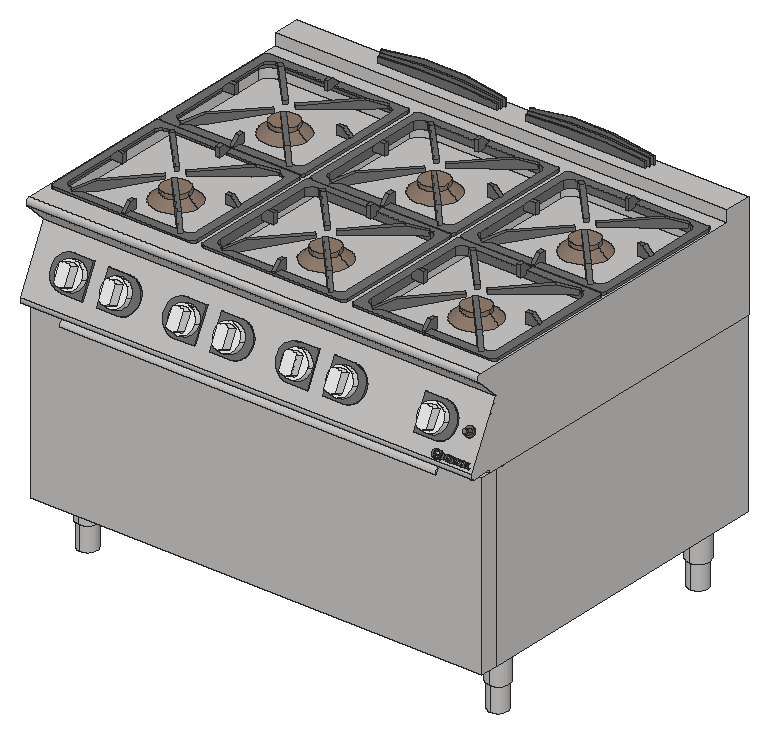
Revit family "QF_GIORIK_CG96EH", category Specialty Equipment, Revit 2014 (continued)
Lines and regions (mm)
  symbolic lines, style "200-EquipInternal-2D"
    curve 108: line (450, -494.697, 899.988) -> (750, -494.697, 899.988)
    curve 109: line (770, -514.697, 899.988) -> (770, -792.699, 899.988)
    curve 110: arc (770, -792.699, 899.988) -> (764.142, -806.841, 899.988) -> (750, -812.699, 899.988) r 20
    curve 111: line (750, -812.699, 899.988) -> (450, -812.699, 899.988)
    curve 112: line (418.046, -832.699, 899.988) -> (782.046, -832.699, 899.988)
    curve 113: arc (782.046, -832.699, 899.988) -> (789.117, -829.77, 899.988) -> (792.046, -822.699, 899.988) r 10
    curve 114: arc (418.046, -472.697, 899.988) -> (410.975, -475.626, 899.988) -> (408.046, -482.697, 899.988) r 10
    curve 115: line (408.046, -482.697, 899.988) -> (408.046, -822.699, 899.988)
    curve 116: arc (430, -514.697, 899.988) -> (435.858, -500.555, 899.988) -> (450, -494.697, 899.988) r 20
    curve 117: line (430, -792.699, 899.988) -> (430, -514.697, 899.988)
    curve 118: arc (450, -812.699, 899.988) -> (435.858, -806.841, 899.988) -> (430, -792.699, 899.988) r 20
    curve 119: arc (408.046, -822.699, 899.988) -> (410.975, -829.77, 899.988) -> (418.046, -832.699, 899.988) r 10
    curve 120: line (595, -792.939, 899.988) -> (595, -812.699, 899.988)
    curve 121: line (605, -812.699, 899.988) -> (605, -792.939, 899.988)
    curve 122: line (605, -792.939, 899.988) -> (595, -792.939, 899.988)
    curve 123: line (583.381, -670.19, 899.988) -> (454.455, -812.699, 899.988)
    curve 124: line (467.94, -812.699, 899.988) -> (590.796, -676.899, 899.988)
    curve 125: line (590.796, -676.899, 899.988) -> (583.381, -670.19, 899.988)
    curve 126: line (590.798, -630.491, 899.988) -> (467.946, -494.697, 899.988)
    curve 127: line (454.464, -494.697, 899.988) -> (583.382, -637.199, 899.988)
    curve 128: line (583.382, -637.199, 899.988) -> (590.798, -630.491, 899.988)
    curve 129: line (609.295, -630.492, 899.988) -> (616.711, -637.201, 899.988)
    curve 130: line (616.711, -637.201, 899.988) -> (745.633, -494.697, 899.988)
    curve 131: line (732.148, -494.697, 899.988) -> (609.295, -630.492, 899.988)
    curve 132: line (616.712, -670.189, 899.988) -> (609.296, -676.898, 899.988)
    curve 133: line (609.296, -676.898, 899.988) -> (732.152, -812.699, 899.988)
    curve 134: line (745.637, -812.699, 899.988) -> (616.712, -670.189, 899.988)
    curve 137: line (63.919, -287.698, 899.988) -> (63.919, -277.698, 899.988)
    curve 138: arc (30, -152.695, 899.988) -> (35.858, -138.553, 899.988) -> (50, -132.695, 899.988) r 20
    curve 140: line (808.046, -122.695, 899.988) -> (808.046, -462.697, 899.988)
    curve 141: line (830, -430.697, 899.988) -> (830, -152.695, 899.988)
    curve 142: arc (850, -450.697, 899.988) -> (835.858, -444.839, 899.988) -> (830, -430.697, 899.988) r 20
    curve 143: arc (808.046, -462.697, 899.988) -> (810.975, -469.768, 899.988) -> (818.046, -472.697, 899.988) r 10
    curve 144: line (818.046, -472.697, 899.988) -> (1182.046, -472.697, 899.988)
    curve 145: line (1150, -450.697, 899.988) -> (850, -450.697, 899.988)
    curve 146: arc (1170, -430.697, 899.988) -> (1164.142, -444.839, 899.988) -> (1150, -450.697, 899.988) r 20
    curve 147: arc (1192.046, -482.697, 899.988) -> (1189.117, -475.626, 899.988) -> (1182.046, -472.697, 899.988) r 10
    curve 148: arc (1182.046, -472.697, 899.988) -> (1189.117, -469.768, 899.988) -> (1192.046, -462.697, 899.988) r 10
    curve 149: line (1192.046, -462.697, 899.988) -> (1192.046, -122.695, 899.988)
    curve 150: arc (818.046, -112.695, 899.988) -> (810.975, -115.624, 899.988) -> (808.046, -122.695, 899.988) r 10
    curve 151: arc (830, -152.695, 899.988) -> (835.858, -138.553, 899.988) -> (850, -132.695, 899.988) r 20
    curve 152: line (850, -132.695, 899.988) -> (1150, -132.695, 899.988)
    curve 153: arc (1150, -132.695, 899.988) -> (1164.142, -138.553, 899.988) -> (1170, -152.695, 899.988) r 20
    curve 154: arc (830, -514.697, 899.988) -> (835.858, -500.555, 899.988) -> (850, -494.697, 899.988) r 20
    curve 155: line (830, -792.699, 899.988) -> (830, -514.697, 899.988)
    curve 156: line (850, -494.697, 899.988) -> (1150, -494.697, 899.988)
    curve 157: arc (1150, -494.697, 899.988) -> (1164.142, -500.555, 899.988) -> (1170, -514.697, 899.988) r 20
    curve 158: line (1170, -514.697, 899.988) -> (1170, -792.699, 899.988)
    curve 159: arc (1170, -792.699, 899.988) -> (1164.142, -806.841, 899.988) -> (1150, -812.699, 899.988) r 20
    curve 160: line (1150, -812.699, 899.988) -> (850, -812.699, 899.988)
    curve 161: arc (850, -812.699, 899.988) -> (835.858, -806.841, 899.988) -> (830, -792.699, 899.988) r 20
    curve 162: line (808.046, -482.697, 899.988) -> (808.046, -822.699, 899.988)
    curve 163: arc (808.046, -822.699, 899.988) -> (810.975, -829.77, 899.988) -> (818.046, -832.699, 899.988) r 10
    curve 164: line (818.046, -832.699, 899.988) -> (1182.046, -832.699, 899.988)
    curve 165: arc (818.046, -472.697, 899.988) -> (810.975, -475.626, 899.988) -> (808.046, -482.697, 899.988) r 10
    curve 166: line (1192.046, -822.699, 899.988) -> (1192.046, -482.697, 899.988)
    curve 167: arc (1182.046, -832.699, 899.988) -> (1189.117, -829.77, 899.988) -> (1192.046, -822.699, 899.988) r 10
    curve 168: line (1170, -152.695, 899.988) -> (1170, -430.697, 899.988)
    curve 169: line (830, -287.698, 899.988) -> (863.919, -287.698, 899.988)
    curve 170: line (863.919, -277.698, 899.988) -> (830, -277.698, 899.988)
    curve 171: line (983.382, -308.194, 899.988) -> (854.461, -450.697, 899.988)
    curve 172: line (863.919, -287.698, 899.988) -> (863.919, -277.698, 899.988)
    curve 173: line (854.455, -132.695, 899.988) -> (983.381, -275.203, 899.988)
    curve 174: line (990.796, -268.494, 899.988) -> (867.94, -132.695, 899.988)
    curve 175: line (867.946, -450.697, 899.988) -> (990.798, -314.903, 899.988)
    curve 176: line (1009.296, -268.496, 899.988) -> (1016.712, -275.204, 899.988)
    curve 177: line (990.798, -314.903, 899.988) -> (983.382, -308.194, 899.988)
    curve 178: line (1009.295, -314.901, 899.988) -> (1132.146, -450.697, 899.988)
    curve 179: line (1145.631, -450.697, 899.988) -> (1016.711, -308.192, 899.988)
    curve 180: line (1132.152, -132.695, 899.988) -> (1009.296, -268.496, 899.988)
    curve 181: line (1016.712, -275.204, 899.988) -> (1145.637, -132.695, 899.988)
    curve 182: line (1016.711, -308.192, 899.988) -> (1009.295, -314.901, 899.988)
    curve 183: line (1136.172, -287.698, 899.988) -> (1170, -287.698, 899.988)
    curve 184: line (1170, -277.698, 899.988) -> (1136.172, -277.698, 899.988)
    curve 185: line (995, -152.454, 899.988) -> (1005, -152.454, 899.988)
    curve 186: line (1005, -152.454, 899.988) -> (1005, -132.695, 899.988)
    curve 187: line (995, -132.695, 899.988) -> (995, -152.454, 899.988)
    curve 188: line (1005.046, -512.456, 899.988) -> (1005.046, -494.697, 899.988)
    curve 189: line (995.046, -494.697, 899.988) -> (995.046, -512.456, 899.988)
    curve 190: line (818.046, -472.697, 899.988) -> (1182.046, -472.697, 899.988)
    curve 191: line (1005.046, -432.937, 899.988) -> (995.046, -432.937, 899.988)
    curve 192: line (1005.046, -450.697, 899.988) -> (1005.046, -432.937, 899.988)
    curve 193: line (995.046, -432.937, 899.988) -> (995.046, -450.697, 899.988)
    curve 194: line (995.046, -512.456, 899.988) -> (1005.046, -512.456, 899.988)
    curve 195: line (854.464, -494.697, 899.988) -> (983.382, -637.199, 899.988)
    curve 196: line (990.798, -630.491, 899.988) -> (867.949, -494.697, 899.988)
    curve 197: line (983.382, -637.199, 899.988) -> (990.798, -630.491, 899.988)
    curve 198: line (1009.295, -630.492, 899.988) -> (1016.711, -637.201, 899.988)
    curve 199: line (1132.148, -494.697, 899.988) -> (1009.295, -630.492, 899.988)
    curve 200: line (1016.711, -637.201, 899.988) -> (1145.633, -494.697, 899.988)
    curve 201: line (1009.296, -676.898, 899.988) -> (1132.152, -812.699, 899.988)
    curve 202: line (1145.637, -812.699, 899.988) -> (1016.712, -670.189, 899.988)
    curve 203: line (867.94, -812.699, 899.988) -> (990.796, -676.899, 899.988)
    curve 204: line (983.381, -670.19, 899.988) -> (854.455, -812.699, 899.988)
    curve 205: line (990.796, -676.899, 899.988) -> (983.381, -670.19, 899.988)
    curve 206: line (195.046, -494.697, 899.988) -> (195.046, -512.456, 899.988)
    curve 207: line (195.046, -512.456, 899.988) -> (205.046, -512.456, 899.988)
    curve 208: line (205.046, -432.937, 899.988) -> (195.046, -432.937, 899.988)
    curve 209: line (195.046, -432.937, 899.988) -> (195.046, -450.697, 899.988)
    curve 210: line (205.046, -450.697, 899.988) -> (205.046, -432.937, 899.988)
    curve 211: line (205.046, -494.697, 899.988) -> (205.046, -512.456, 899.988)
    curve 212: line (605.046, -450.697, 899.988) -> (605.046, -432.937, 899.988)
    curve 213: line (595.046, -432.937, 899.988) -> (595.046, -450.697, 899.988)
    curve 214: line (605.046, -432.937, 899.988) -> (595.046, -432.937, 899.988)
    curve 215: line (595.046, -494.697, 899.988) -> (595.046, -512.456, 899.988)
    curve 216: line (605.046, -512.456, 899.988) -> (605.046, -494.697, 899.988)
    curve 217: line (595.046, -512.456, 899.988) -> (605.046, -512.456, 899.988)
    curve 218: line (238, -17.695, 899.988) -> (568, -17.695, 899.988)
    curve 219: line (632, -17.695, 899.988) -> (962, -17.695, 899.988)
    curve 220: line (568, -14.695, 899.988) -> (238, -14.695, 899.988)
    curve 221: line (962, -14.695, 899.988) -> (632, -14.695, 899.988)
    curve 222: line (238, -14.695, 899.988) -> (238, -17.695, 899.988)
    curve 223: line (241, -24.695, 899.988) -> (241, -27.695, 899.988)
    curve 224: line (244, -34.695, 899.988) -> (244, -37.695, 899.988)
    curve 225: line (565, -24.695, 899.988) -> (241, -24.695, 899.988)
    curve 226: line (241, -27.695, 899.988) -> (565, -27.695, 899.988)
    curve 227: line (244, -37.695, 899.988) -> (562, -37.695, 899.988)
    curve 228: line (568, -17.695, 899.988) -> (568, -14.695, 899.988)
    curve 229: line (565, -27.695, 899.988) -> (565, -24.695, 899.988)
    curve 230: line (562, -34.695, 899.988) -> (244, -34.695, 899.988)
    curve 231: line (562, -37.695, 899.988) -> (562, -34.695, 899.988)
    curve 232: line (638, -34.695, 899.988) -> (638, -37.695, 899.988)
    curve 233: line (635, -24.695, 899.988) -> (635, -27.695, 899.988)
    curve 234: line (959, -24.695, 899.988) -> (635, -24.695, 899.988)
    curve 235: line (635, -27.695, 899.988) -> (959, -27.695, 899.988)
    curve 236: line (956, -34.695, 899.988) -> (638, -34.695, 899.988)
    curve 237: line (638, -37.695, 899.988) -> (956, -37.695, 899.988)
    curve 238: line (962, -17.695, 899.988) -> (962, -14.695, 899.988)
    curve 239: line (959, -27.695, 899.988) -> (959, -24.695, 899.988)
    curve 240: line (956, -37.695, 899.988) -> (956, -34.695, 899.988)
    curve 241: line (0, -72.695, 899.988) -> (1200, -72.695, 899.988)
    curve 242: arc (183.76, -260.717, 899.988) -> (200.047, -256.698, 899.988) -> (216.333, -260.718, 899.988) r 35
    curve 243: arc (224.47, -266.629, 899.988) -> (235.046, -291.699, 899.988) -> (224.469, -316.768, 899.988) r 35
    curve 244: arc (216.331, -322.678, 899.988) -> (200.047, -326.698, 899.988) -> (183.763, -322.679, 899.988) r 35
    curve 245: arc (175.624, -316.769, 899.988) -> (165.046, -291.699, 899.988) -> (175.622, -266.628, 899.988) r 35
    curve 246: arc (158.846, -335.316, 899.988) -> (140.046, -291.699, 899.988) -> (158.844, -248.081, 899.988) r 60
    curve 247: arc (166.676, -241.833, 899.988) -> (200.046, -231.698, 899.988) -> (233.417, -241.834, 899.988) r 60
    curve 248: arc (241.249, -248.082, 899.988) -> (260.046, -291.698, 899.988) -> (241.248, -335.314, 899.988) r 60
    curve 249: arc (233.415, -341.562, 899.988) -> (200.047, -351.698, 899.988) -> (166.678, -341.564, 899.988) r 60
    curve 250: line (30, -792.699, 899.988) -> (30, -514.697, 899.988)
    curve 251: line (63.919, -658.699, 899.988) -> (63.919, -648.699, 899.988)
    curve 252: line (30, -658.699, 899.988) -> (63.919, -658.699, 899.988)
    curve 253: line (63.919, -648.699, 899.988) -> (30, -648.699, 899.988)
    curve 254: line (336.172, -658.699, 899.988) -> (370, -658.699, 899.988)
    curve 255: line (336.172, -648.699, 899.988) -> (336.172, -658.699, 899.988)
    curve 256: line (370, -648.699, 899.988) -> (336.172, -648.699, 899.988)
    curve 257: line (430, -658.699, 899.988) -> (463.919, -658.699, 899.988)
    curve 258: line (463.919, -658.699, 899.988) -> (463.919, -648.699, 899.988)
    curve 259: line (463.919, -648.699, 899.988) -> (430, -648.699, 899.988)
    curve 260: line (1005, -792.939, 899.988) -> (995, -792.939, 899.988)
    curve 261: line (1005, -792.939, 899.988) -> (1005, -812.699, 899.988)
    curve 262: line (995, -812.699, 899.988) -> (995, -792.939, 899.988)
    curve 263: line (770, -658.699, 899.988) -> (736.172, -658.699, 899.988)
    curve 264: line (736.172, -658.699, 899.988) -> (736.172, -648.699, 899.988)
    curve 265: line (736.172, -648.699, 899.988) -> (770, -648.699, 899.988)
    curve 266: arc (583.75, -622.7, 899.988) -> (600.036, -618.699, 899.988) -> (616.314, -622.733, 899.988) r 35
    curve 267: arc (624.749, -628.95, 899.988) -> (634.999, -653.908, 899.988) -> (624.45, -678.742, 899.988) r 35
    curve 268: arc (616.32, -684.661, 899.988) -> (600.036, -688.698, 899.988) -> (583.744, -684.694, 899.988) r 35
    curve 269: arc (575.251, -678.447, 899.988) -> (565.001, -653.451, 899.988) -> (575.604, -628.602, 899.988) r 35
    curve 270: arc (558.821, -697.337, 899.988) -> (540, -653.695, 899.988) -> (558.826, -610.056, 899.988) r 60
    curve 271: arc (566.663, -603.812, 899.988) -> (600.035, -593.699, 899.988) -> (633.396, -603.852, 899.988) r 60
    curve 272: arc (641.385, -609.927, 899.988) -> (660.239, -653.696, 899.988) -> (641.389, -697.466, 899.988) r 60.239
    curve 273: arc (633.401, -703.542, 899.988) -> (600.035, -713.699, 899.988) -> (566.657, -703.581, 899.988) r 60
    curve 274: arc (183.764, -622.716, 899.988) -> (200.047, -618.699, 899.988) -> (216.329, -622.717, 899.988) r 35
    curve 275: arc (224.794, -628.95, 899.988) -> (235.045, -653.925, 899.988) -> (224.472, -678.766, 899.988) r 35
    curve 276: arc (216.334, -684.677, 899.988) -> (200.047, -688.699, 899.988) -> (183.759, -684.678, 899.988) r 35
    curve 277: arc (175.297, -678.447, 899.988) -> (165.046, -653.468, 899.988) -> (175.626, -628.625, 899.988) r 35
    curve 278: arc (158.842, -697.314, 899.988) -> (140.046, -653.695, 899.988) -> (158.847, -610.079, 899.988) r 60
    curve 279: arc (166.68, -603.831, 899.988) -> (200.047, -593.699, 899.988) -> (233.414, -603.833, 899.988) r 60
    curve 280: arc (241.246, -610.081, 899.988) -> (260.046, -653.696, 899.988) -> (241.25, -697.313, 899.988) r 60
    curve 281: arc (233.278, -703.407, 899.988) -> (200.046, -713.492, 899.988) -> (166.814, -703.408, 899.988) r 59.794
    curve 282: arc (1192.046, -122.695, 899.988) -> (1189.117, -115.624, 899.988) -> (1182.046, -112.695, 899.988) r 10
    curve 283: line (1182.046, -112.695, 899.988) -> (818.046, -112.695, 899.988)
    curve 284: arc (583.746, -260.701, 899.988) -> (600.036, -256.698, 899.988) -> (616.318, -260.734, 899.988) r 35
    curve 285: arc (624.749, -266.949, 899.988) -> (634.999, -291.909, 899.988) -> (624.447, -316.744, 899.988) r 35
    curve 286: arc (616.316, -322.662, 899.988) -> (600.036, -326.698, 899.988) -> (583.748, -322.696, 899.988) r 35
    curve 287: arc (575.251, -316.446, 899.988) -> (565.001, -291.452, 899.988) -> (575.601, -266.604, 899.988) r 35
    curve 288: arc (566.757, -241.922, 899.988) -> (600.035, -231.842, 899.988) -> (633.301, -241.961, 899.988) r 59.856
    curve 289: arc (641.228, -248.106, 899.988) -> (660, -291.698, 899.988) -> (641.227, -335.291, 899.988) r 60
    curve 290: arc (633.398, -341.543, 899.988) -> (600.035, -351.698, 899.988) -> (566.661, -341.583, 899.988) r 60
    curve 291: arc (558.825, -335.339, 899.988) -> (540, -291.699, 899.988) -> (558.823, -248.058, 899.988) r 60
    curve 292: line (1136.172, -277.698, 899.988) -> (1136.172, -287.698, 899.988)
    curve 293: line (1170, -658.699, 899.988) -> (1136.172, -658.699, 899.988)
    curve 294: line (1136.172, -658.699, 899.988) -> (1136.172, -648.699, 899.988)
    curve 295: line (1136.172, -648.699, 899.988) -> (1170, -648.699, 899.988)
    curve 296: line (830, -648.699, 899.988) -> (863.919, -648.699, 899.988)
    curve 297: line (863.919, -648.699, 899.988) -> (863.919, -658.699, 899.988)
    curve 298: line (863.919, -658.699, 899.988) -> (830, -658.699, 899.988)
    curve 299: arc (983.75, -622.7, 899.988) -> (1000.036, -618.699, 899.988) -> (1016.314, -622.733, 899.988) r 35
    curve 300: arc (966.663, -603.812, 899.988) -> (1000.036, -593.699, 899.988) -> (1033.396, -603.852, 899.988) r 60
    curve 301: arc (1024.749, -628.95, 899.988) -> (1034.999, -653.908, 899.988) -> (1024.45, -678.742, 899.988) r 35
    curve 302: arc (1042.426, -611.272, 899.988) -> (1059.994, -654.534, 899.988) -> (1041.229, -697.289, 899.988) r 60
    curve 303: arc (1016.32, -684.661, 899.988) -> (1000.036, -688.698, 899.988) -> (983.744, -684.694, 899.988) r 35
    curve 304: arc (1033.401, -703.542, 899.988) -> (1000.035, -713.699, 899.988) -> (966.657, -703.581, 899.988) r 60
    curve 305: arc (975.251, -678.447, 899.988) -> (965.001, -653.451, 899.988) -> (975.604, -628.602, 899.988) r 35
    curve 306: arc (957.574, -696.125, 899.988) -> (940.006, -652.825, 899.988) -> (958.826, -610.056, 899.988) r 60
    curve 307: arc (983.746, -260.701, 899.988) -> (1000.036, -256.698, 899.988) -> (1016.318, -260.734, 899.988) r 35
    curve 308: arc (1024.749, -266.949, 899.988) -> (1034.999, -291.909, 899.988) -> (1024.447, -316.744, 899.988) r 35
    curve 309: arc (1016.316, -322.662, 899.988) -> (1000.036, -326.698, 899.988) -> (983.748, -322.696, 899.988) r 35
    curve 310: arc (975.251, -316.446, 899.988) -> (965.001, -291.452, 899.988) -> (975.601, -266.604, 899.988) r 35
    curve 311: arc (966.659, -241.814, 899.988) -> (1000.035, -231.698, 899.988) -> (1033.399, -241.853, 899.988) r 60
    curve 312: arc (1042.426, -249.271, 899.988) -> (1059.994, -292.535, 899.988) -> (1041.226, -335.291, 899.988) r 60
    curve 313: arc (1033.398, -341.543, 899.988) -> (1000.035, -351.698, 899.988) -> (966.661, -341.583, 899.988) r 60
    curve 314: arc (957.574, -334.124, 899.988) -> (940.006, -290.827, 899.988) -> (958.823, -248.058, 899.988) r 60
  symbolic lines, style "QF_Door-Drawer Clearances", visible <- "Show Clearance", detail levels coarse
    curve 315: line (0, -1354.997, 899.988) -> (800, -1354.997, 899.988)
    curve 316: line (800, -1354.997, 899.988) -> (800, -920, 899.988)
    curve 317: line (1199.952, -1279.997, 899.988) -> (1199.952, -922.669, 899.988)
    curve 318: line (0, -920, 899.988) -> (0, -1354.997, 899.988)
    curve 320: arc (806.506, -920, 899.988) -> (933.308, -1176.417, 899.988) -> (1199.952, -1279.997, 899.988) r 395
Dimensions and locks
  plane 3 "Left" to plane 4 "Right" = 1200 mm
  plane 5 "Front" to plane 1 "Back" = 920 mm
  plane 6 "Top" to level = 899.988 mm
  plane 1 "Back" to plane 5 "Front" = 920 mm
  aligned and locked: level to plane 2
Connectors
  piping at (50, -387.717, 130), diameter 25.4, driven by "Gas Size"
    settings: on Extrusion 5, index 1, connector inside diameter 24", connector length 0 mm, flow factor 0, pipe flow 0.0 L/s, pressure drop 0.0 Pa, fitting loss kfactor 0, connector angle 0.00°, fixture units 0, engagement length 0 mm, angle of deflection 0.00°, flow configuration 1, flow direction 1, fitting loss method 0, system type 22, joint type 0, gender type 0, connector reference index -1, connector utility 0, adjustable connector no, is connector primary yes, connector description "Gas inlet"
  piping at (50, -387.717, 130), diameter 25.4, driven by "Gas Size"
    settings: on Extrusion 29, index 2, connector inside diameter 24", connector length 0 mm, flow factor 0, pipe flow 0.0 L/s, pressure drop 0.0 Pa, fitting loss kfactor 0, connector angle 0.00°, fixture units 0, engagement length 0 mm, angle of deflection 0.00°, flow configuration 1, flow direction 1, fitting loss method 0, system type 22, joint type 0, gender type 0, connector reference index -1, connector utility 0, adjustable connector no, is connector primary no, connector description "Gas Inlet"
  electrical at (755, -697.695, 130), driven by "Apparent Power", driven by "Volts", driven by "Number of Poles"
    settings: on Extrusion 121, index 3, voltage 400 V, apparent load 0 VA, apparent load phase1 9000 VA, apparent load phase2 0 VA, apparent load phase3 0 VA, power factor 1, load classification "Other", number of poles 3, system type 31, power factor state 1, is connector primary yes, connector utility no, sub classification motor no, connector description "Electrical connection"
